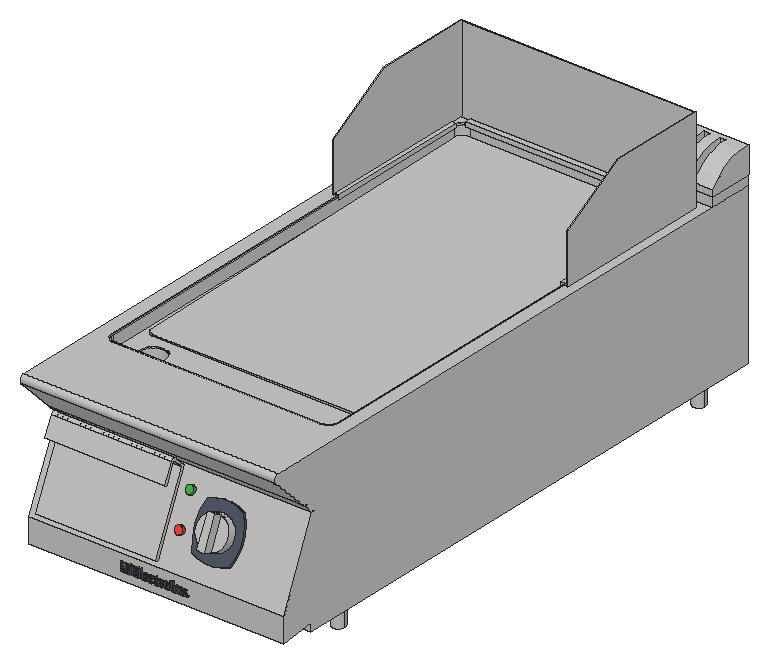
Revit family "QF_ELECTROLUXPROFESSIONAL_391175_E9FTEDCS0N", category Specialty Equipment, Revit 2018
Family settings
  Round Connector Dimension = Use Diameter
  Part Type = Normal
  Work Plane-Based = No
  Always vertical = Yes
  Cut with Voids When Loaded = No
  Shared = No
  Room Calculation Point = No
Parameters
  Width = 400 mm  # constant formula
  Weight in Pounds = 55  # constant formula
  Watts = 0 W
  Volts = 230 V  # constant formula
  URL Cutsheet = "www.electrolux.com"
  URL = "www.electrolux.com"
  Type Mark [instance] = ""
  Status [instance] = ""
  Specification by User [instance] = ""
  Specification by Manufacturer = ""
  Show Logo [instance] = yes
  Show Clearance [instance] = yes
  Serial Number = ""
  Seismic Rating = ""
  SMACNA No = ""
  Revision Code [instance] = ""
  Phase = 3
  Omniclass Number and Title = ""
  Number of Poles [instance] = 1
  NAFEM Spec ID Number = ""
  Model = "391175"
  Min Ckt Ampacity = 0 A
  Max Overcurrent Protection = 0 A
  Masterspec = ""
  Manufacturer = "ELECTROLUX"
  Item Number [instance] = ""
  Installed By [instance] = ""
  Identify Quantity as Lot [instance] = yes
  HP = "10.1 HP"
  Furnished By [instance] = ""
  Foodservice Equipment Identifier [instance] = yes
  FL Amps = if(Phase = 3, Watts / (Volts * 1.73), Watts / Volts)  # 0 A
  Electrical Remarks [instance] = "230 V/3N ph/50/60 Hz"  # constant formula
  Electric Connection Type [instance] = ""
  Elec Conn RI Height [instance] = 0 mm
  Elec Conn Connection Height [instance] = 0 mm
  Direct Waste Size = 0"
  Description = "900XP HALF MODULE ELECTRIC GRIDDLE, SMOOTH SLOPED PLATE, CHROMIUM PLATED - 230V"
  Depth = 930 mm  # constant formula
  Cycle [instance] = if([60 Hertz Option], 60 Hz, 50 Hz)  # 60 Hz
  Conn Plug = ""
  Conn Conduit = yes
  CSI MasterFormat = ""
  CSI Master Format = ""
  Apparent Power = if(Phase = 3, Volts * FL Amps * 1.73, Volts * FL Amps)  # 0 VA
  60 Hertz Option [instance] = not([50 Hertz Option])  # yes
  50 Hertz Option [instance] = no
Reference planes
  plane 1 "BACK": y = 0
  plane 2: z = 0
  plane 3 "LEFT": x = 0
  plane 4 "RIGHT": x = 400
  plane 5 "FRONT": y = -930
  plane 6 "TOP": z = 275
  plane 7 "Center Y": x = 200
  plane 8 "Center X": y = -465
  plane 9: y = -1045
  plane 10: z = 24
  plane 11: z = 290
  plane 12: z = 410
  plane 13: x = 11
  plane 14: x = 389
  plane 15: y = -722.539
  plane 16: x = 340
Forms (mm)
  Extrusion 1, solid, material "QF_Finishes_Stainless Steel"
    sketch origin (0, 0, 0) x (0, 1, 0) y (0, 0, 1)
      loop
        line (0, 275) -> (-922.686, 275)
        arc (-922.686, 275) -> (-929.443, 270.485) -> (-927.858, 262.514) r 7.314
        line (-927.858, 262.514) -> (-873.907, 208.563) -> (-865.773, 208.563) -> (-865.773, 206.447) -> (-871.79, 206.447) -> (-858.907, 193.563) -> (-850.773, 193.563) -> (-850.773, 191.447) -> (-856.79, 191.447) -> (-913.146, 69.003) -> (-913.146, 30.903) -> (-859.774, 36.513) -> (-859.774, 24) -> (0, 24) -> (0, 275)
    from 0 to 400
  Extrusion 2, solid, material "QF_Finishes_Stainless Steel"
    sketch origin (0, -1, 0) x (1, 0, 0) y (0, 1, 0)
      loop
        circle (11, -82) r 9.525
      loop
        circle (11, -790) r 9.525
      loop
        circle (389, -82) r 9.525
      loop
        circle (389, -790) r 9.525
    from 0 to 24
  Extrusion 3, solid, material "QF_Finishes_Stainless Steel"
    sketch origin (0, 0, 0.362) x (0, 1, 0) y (0, 0, 1)
      loop
        line (0, 289.638) -> (0, 331.738)
        arc (0, 331.738) -> (-38.857, 324.552) -> (-69.85, 300.038) r 82.056
        line (-69.85, 300.038) -> (-69.85, 289.638) -> (0, 289.638)
    from 0 to 400.05
  Extrusion 4, void
    sketch origin (0, 0, 275) x (0, -1, 0) y (1, 0, 0)
      loop
        line (6.761, 29.703) -> (63.911, 29.703) -> (63.911, 38.999) -> (6.761, 38.999) -> (6.761, 29.703)
      loop
        line (63.911, 64.487) -> (6.761, 64.487) -> (6.761, 55.191) -> (63.911, 55.191) -> (63.911, 64.487)
      loop
        line (63.911, 89.975) -> (6.761, 89.975) -> (6.761, 80.68) -> (63.911, 80.68) -> (63.911, 89.975)
      loop
        line (63.911, 115.464) -> (6.761, 115.464) -> (6.761, 106.168) -> (63.911, 106.168) -> (63.911, 115.464)
      loop
        line (63.911, 140.952) -> (6.761, 140.952) -> (6.761, 131.656) -> (63.911, 131.656) -> (63.911, 140.952)
      loop
        line (63.911, 166.44) -> (6.761, 166.44) -> (6.761, 157.145) -> (63.911, 157.145) -> (63.911, 166.44)
      loop
        line (63.911, 191.929) -> (6.761, 191.929) -> (6.761, 182.633) -> (63.911, 182.633) -> (63.911, 191.929)
      loop
        line (63.911, 217.417) -> (6.761, 217.417) -> (6.761, 208.121) -> (63.911, 208.121) -> (63.911, 217.417)
      loop
        line (63.911, 242.905) -> (6.761, 242.905) -> (6.761, 233.61) -> (63.911, 233.61) -> (63.911, 242.905)
      loop
        line (63.911, 268.394) -> (6.761, 268.394) -> (6.761, 259.098) -> (63.911, 259.098) -> (63.911, 268.394)
      loop
        line (63.911, 293.882) -> (6.761, 293.882) -> (6.761, 284.586) -> (63.911, 284.586) -> (63.911, 293.882)
      loop
        line (63.911, 319.37) -> (6.761, 319.37) -> (6.761, 310.075) -> (63.911, 310.075) -> (63.911, 319.37)
      loop
        line (63.911, 344.859) -> (6.761, 344.859) -> (6.761, 335.563) -> (63.911, 335.563) -> (63.911, 344.859)
      loop
        line (63.911, 370.347) -> (6.761, 370.347) -> (6.761, 361.051) -> (63.911, 361.051) -> (63.911, 370.347)
    from 25.4 to 63.5
  Extrusion 5, solid, material "QF_Finishes_Stainless Steel"
    sketch origin (0, 0, 275) x (0, -1, 0) y (1, 0, 0)
      loop
        line (69.85, 0) -> (69.85, 400) -> (0, 400) -> (0, 0) -> (69.85, 0)
    from 0 to 15
  Extrusion 6, solid, material "QF_Finishes_Stainless Steel"
    sketch origin (635, 190.152, 275) x (0, -1, 0) y (1, 0, 0)
      loop
        line (273.542, -252.03) -> (273.542, -617.97) -> (275.13, -617.97) -> (275.13, -252.03) -> (273.542, -252.03)
    from 0 to 135
  Extrusion 7, void
    sketch origin (0, 0, 275) x (0, -1, 0) y (1, 0, 0)
      loop
        arc (92.539, 37.03) -> (96.932, 26.423) -> (107.539, 22.03) r 15
        line (107.539, 22.03) -> (777.539, 22.03)
        arc (777.539, 22.03) -> (788.145, 26.423) -> (792.539, 37.03) r 15
        line (792.539, 37.03) -> (792.539, 362.97)
        arc (792.539, 362.97) -> (788.145, 373.577) -> (777.539, 377.97) r 15
        line (777.539, 377.97) -> (107.539, 377.97)
        arc (107.539, 377.97) -> (96.932, 373.577) -> (92.539, 362.97) r 15
        line (92.539, 362.97) -> (92.539, 37.03)
    from 0 to -21.588
  Sweep 8, solid, material "QF_Finishes_Stainless Steel"
    path origin (0, 0, 0) x (1, 0, 0) y (0, 1, 0)
      loop
        line (22.03, -107.539) -> (22.03, -777.539)
        arc (22.03, -777.539) -> (26.423, -788.145) -> (37.03, -792.539) r 15
        line (37.03, -792.539) -> (362.97, -792.539)
        arc (362.97, -792.539) -> (373.577, -788.145) -> (377.97, -777.539) r 15
        line (377.97, -777.539) -> (377.97, -107.539)
        arc (377.97, -107.539) -> (373.577, -96.932) -> (362.97, -92.539) r 15
        line (362.97, -92.539) -> (37.03, -92.539)
        arc (37.03, -92.539) -> (26.423, -96.932) -> (22.03, -107.539) r 15
    profile origin (22.03, -442.539, 0) x (1, 0, 0) y (0, 0, 1)
      loop
        line (0, 255) -> (1.588, 255) -> (1.588, 272.855)
        arc (1.588, 272.855) -> (1.147, 274.189) -> (0, 275) r 2.242
        line (0, 275) -> (0, 255)
  Extrusion 9, solid, material "QF_Finishes_Stainless Steel"
    sketch origin (0, 0, 0) x (1, 0, 0) y (0, 0, 1)
      loop
        line (17.03, 275.856) -> (23.926, 275.856) -> (23.926, 270.856) -> (25.514, 270.856) -> (25.514, 277.444) -> (17.03, 277.444) -> (17.03, 275.856)
      loop
        line (382.97, 275.856) -> (382.97, 277.444) -> (374.486, 277.444) -> (374.486, 270.856) -> (376.074, 270.856) -> (376.074, 275.856) -> (382.97, 275.856)
    from 105.541 to 335.39
  Extrusion 10, solid, material "QF_Finishes_Stainless Steel"
    sketch origin (0, 0, 0) x (0, 1, 0) y (0, 0, 1)
      loop
        line (-94.126, 270.856) -> (-94.126, 275.856) -> (-84.978, 275.856) -> (-84.978, 277.444) -> (-95.714, 277.444) -> (-95.714, 270.856) -> (-94.126, 270.856)
    from 32.03 to 367.97
  Extrusion 11, solid, material "QF_Finishes_Stainless Steel"
    sketch origin (0, -101.6, 24) x (-1, 0, 0) y (0, 1, 0)
      loop
        circle (-340, -483.4) r 6.35
    from 0 to 5
  Extrusion 12, solid, material "QF_Clearances", visible <- "Show Clearance", detail levels coarse
    sketch origin (0, 0, 0) x (1, 0, 0) y (0, 1, 0)
      loop
        line (0, 0) -> (400, 0) -> (400, -930) -> (500, -930) -> (500, 100) -> (-100, 100) -> (-100, -930) -> (0, -930) -> (0, 0)
    from 0 to 410
  Extrusion 13, solid, material "QF_Finishes_Stainless Steel"
    sketch origin (0, 0, 0) x (0, 1, 0) y (0, 0, 1)
      loop
        line (-792.539, 255) -> (-792.539, 253.413) -> (-92.539, 253.413) -> (-92.539, 255) -> (-792.539, 255)
    from 22.03 to 377.97
  Extrusion 14, solid, material "QF_Finishes_Stainless Steel"
    sketch origin (100, 0, 0) x (0, 1, 0) y (0, 0, 1)
      loop
        line (-858.205, 188.372) -> (-874.612, 204.778)
        arc (-874.612, 204.778) -> (-879.079, 206.181) -> (-882.783, 203.316) r 5.058
        line (-882.783, 203.316) -> (-895.445, 175.806) -> (-892.561, 174.479) -> (-879.899, 201.989)
        arc (-879.899, 201.989) -> (-878.52, 203.055) -> (-876.857, 202.533) r 1.883
        line (-876.857, 202.533) -> (-862.014, 187.69) -> (-912.848, 77.245) -> (-909.964, 75.918) -> (-858.205, 188.372)
    from -89 to 100
  Extrusion 15, solid, material "QF_Door-Drawer Clearances", visible <- "Show Clearance", detail levels coarse
    sketch origin (100, 0, 0) x (0, 1, 0) y (0, 0, 1)
      loop
        line (-1024.713, 174.479) -> (-1012.051, 201.989)
        arc (-1012.051, 201.989) -> (-1010.672, 203.055) -> (-1009.009, 202.533) r 1.883
        line (-1009.009, 202.533) -> (-994.166, 187.69) -> (-1045, 77.245) -> (-1042.116, 75.918) -> (-909.964, 75.918) -> (-858.205, 188.372) -> (-874.612, 204.778)
        arc (-874.612, 204.778) -> (-875.847, 205.685) -> (-877.298, 206.181) r 5.058
        line (-877.298, 206.181) -> (-1011.231, 206.181)
        arc (-1011.231, 206.181) -> (-1013.435, 205.203) -> (-1014.935, 203.316) r 5.058
        line (-1014.935, 203.316) -> (-1027.597, 175.806) -> (-1024.713, 174.479)
    from -89 to 100
  Extrusion 16, void
    sketch origin (0, 0, 0) x (1, 0, 0) y (0, 1, 0)
      loop
        circle (71.879, -758.736) r 20
    from 235.859 to 256.719
  Extrusion 17, solid, material "QF_Finishes_Stainless Steel"
    sketch origin (0, 0, 0) x (0, 1, 0) y (0, 0, 1)
      loop
        line (-83.39, 410) -> (-235.39, 410) -> (-335.39, 352.265) -> (-335.39, 275) -> (-83.39, 275) -> (-83.39, 410)
    from 15.442 to 17.03
  Extrusion 18, solid, material "QF_Finishes_Stainless Steel"
    sketch origin (400, 0, 0) x (0, 1, 0) y (0, 0, -1)
      loop
        line (-83.39, -410) -> (-83.39, -275) -> (-335.39, -275) -> (-335.39, -352.265) -> (-235.39, -410) -> (-83.39, -410)
    from 15.442 to 17.03
  Extrusion 19, solid, material "QF_Finishes_Navy Blue"
    sketch origin (115.456, -912.449, 70.59) x (0, 0.419232, 0.907879) y (-1, 0, 0)
      loop
        arc (102.26, -132.62) -> (66.843, -125.139) -> (31.333, -132.16) r 90.355
        arc (31.333, -132.16) -> (24.504, -161.269) -> (31.333, -190.378) r 65.456
        arc (31.333, -190.378) -> (66.877, -199.452) -> (102.26, -189.765) r 71.728
        arc (102.26, -189.765) -> (108.852, -161.193) -> (102.26, -132.62) r 65.22
    from 0 to 3.175
  Extrusion 20, solid, material "QF_Finishes_Stainless Steel"
    sketch origin (115.456, -916.163, 70.121) x (0, 0.419232, 0.907879) y (-1, 0, 0)
      loop
        circle (68.826, -160.963) r 25.4
    from 0 to 12.7
  Extrusion 21, solid, material "QF_Finishes_Stainless Steel"
    sketch origin (115.456, -927.693, 75.445) x (0, 0.419232, 0.907879) y (-1, 0, 0)
      loop
        arc (93.558, -166.749) -> (94.226, -160.963) -> (93.558, -155.177) r 25.4
        line (93.558, -155.177) -> (44.094, -155.177)
        arc (44.094, -155.177) -> (43.426, -160.963) -> (44.094, -166.749) r 25.4
        line (44.094, -166.749) -> (93.558, -166.749)
    from 0 to 12.7
  Extrusion 22, solid, material "QF_Finishes_Navy Blue", visible <- "Show Logo"
    sketch origin (-142.26, -913.146, 37.253) x (0, 0, 1) y (-1, 0, 0)
      loop
        line (20.674, -296.698) -> (8.307, -296.698)
        arc (8.307, -296.698) -> (14.491, -301.27) -> (20.674, -296.698) r 6.467
      loop
        arc (20.674, -296.069) -> (19.505, -290.926) -> (14.849, -288.448) r 6.338
        line (14.849, -288.448) -> (14.849, -290.494)
        arc (14.849, -290.494) -> (16.333, -294.149) -> (19.778, -296.069) r 5.941
        line (19.778, -296.069) -> (20.674, -296.069)
      loop
        arc (9.203, -296.069) -> (12.648, -294.149) -> (14.132, -290.494) r 5.941
        line (14.132, -290.494) -> (14.132, -288.448)
        arc (14.132, -288.448) -> (9.438, -290.922) -> (8.148, -296.069) r 6.504
        line (8.148, -296.069) -> (9.203, -296.069)
      loop
        line (21.349, -287.979) -> (7.604, -287.979) -> (7.604, -301.742) -> (21.349, -301.742) -> (21.349, -287.979)
      loop
        arc (21.432, -304.71) -> (21.085, -304.352) -> (20.718, -304.69) r 0.358
        arc (20.718, -304.69) -> (20.404, -305.44) -> (19.687, -305.825) r 1.216
        line (19.687, -305.825) -> (9.274, -305.825)
        arc (9.274, -305.825) -> (8.614, -305.548) -> (8.218, -304.951) r 1.238
        arc (8.218, -304.951) -> (7.823, -304.7) -> (7.518, -305.054) r 0.358
        line (7.518, -305.054) -> (7.518, -314.933) -> (10.269, -314.933) -> (10.269, -314.036)
        arc (10.269, -314.036) -> (9.36, -313.456) -> (8.904, -312.479) r 1.928
        line (8.904, -312.479) -> (8.904, -309.98)
        arc (8.904, -309.98) -> (9.18, -309.251) -> (9.868, -308.887) r 1.101
        line (9.868, -308.887) -> (13.955, -308.887) -> (13.955, -312.561)
        arc (13.955, -312.561) -> (13.602, -313.058) -> (13.037, -313.286) r 1.083
        arc (13.037, -313.286) -> (12.773, -313.591) -> (13.065, -313.869) r 0.292
        line (13.065, -313.869) -> (16.028, -313.869)
        arc (16.028, -313.869) -> (16.33, -313.596) -> (16.092, -313.266) r 0.305
        arc (16.092, -313.266) -> (15.601, -313.018) -> (15.296, -312.561) r 1.083
        line (15.296, -312.561) -> (15.296, -308.887) -> (19.973, -308.887) -> (19.973, -312.635)
        arc (19.973, -312.635) -> (19.759, -313.39) -> (19.153, -313.888) r 1.314
        arc (19.153, -313.888) -> (18.934, -314.292) -> (19.288, -314.585) r 0.361
        line (19.288, -314.585) -> (21.432, -314.585) -> (21.432, -304.71)
      loop
        arc (20.715, -315.365) -> (20.335, -316.284) -> (19.416, -316.664) r 1.299
        line (19.416, -316.664) -> (9.837, -316.664)
        arc (9.837, -316.664) -> (8.999, -316.286) -> (8.728, -315.408) r 1.118
        line (8.728, -315.408) -> (7.518, -315.408) -> (7.518, -320.758) -> (8.706, -320.758)
        arc (8.706, -320.758) -> (8.978, -319.841) -> (9.848, -319.445) r 1.153
        line (9.848, -319.445) -> (21.92, -319.445) -> (20.715, -315.365)
      loop
        line (12.483, -323.394) -> (12.483, -329.842) -> (13.282, -329.842)
        arc (13.282, -329.842) -> (15.862, -328.857) -> (17.131, -326.404) r 3.874
        line (17.131, -326.404) -> (17.131, -324.643)
        arc (17.131, -324.643) -> (15.944, -321.778) -> (13.08, -320.592) r 4.051
        line (13.08, -320.592) -> (11.072, -320.592)
        arc (11.072, -320.592) -> (8.253, -322.077) -> (7.202, -325.084) r 4.352
        arc (7.202, -325.084) -> (7.566, -327.547) -> (8.943, -329.621) r 5.713
        line (8.943, -329.621) -> (9.892, -329.621)
        arc (9.892, -329.621) -> (9.16, -328.052) -> (8.943, -326.334) r 5.579
        arc (8.943, -326.334) -> (9.737, -324.371) -> (11.616, -323.394) r 3.057
        line (11.616, -323.394) -> (12.483, -323.394)
      loop
        line (13.742, -323.394) -> (13.742, -326.977)
        arc (13.742, -326.977) -> (15.199, -327.024) -> (16.082, -325.864) r 1.59
        line (16.082, -325.864) -> (16.082, -325.034)
        arc (16.082, -325.034) -> (15.217, -323.779) -> (13.742, -323.394) r 2.184
      loop
        arc (16.533, -339.259) -> (17.022, -337.585) -> (17.179, -335.848) r 9.023
        line (17.179, -335.848) -> (17.179, -334.486)
        arc (17.179, -334.486) -> (16.02, -331.686) -> (13.22, -330.527) r 3.959
        line (13.22, -330.527) -> (10.62, -330.527)
        arc (10.62, -330.527) -> (8.338, -331.819) -> (7.221, -334.192) r 4.331
        line (7.221, -334.192) -> (7.221, -336.327)
        arc (7.221, -336.327) -> (7.729, -337.877) -> (8.651, -339.223) r 5.772
        arc (8.651, -339.223) -> (9.412, -339.274) -> (9.499, -338.515) r 0.553
        arc (9.499, -338.515) -> (9.111, -337.781) -> (8.977, -336.962) r 2.573
        line (8.977, -336.962) -> (8.977, -335.447)
        arc (8.977, -335.447) -> (9.983, -333.806) -> (11.798, -333.163) r 2.884
        line (11.798, -333.163) -> (13.077, -333.163)
        arc (13.077, -333.163) -> (14.898, -333.723) -> (15.824, -335.388) r 2.554
        line (15.824, -335.388) -> (15.824, -336.441)
        arc (15.824, -336.441) -> (15.493, -337.369) -> (14.836, -338.104) r 2.564
        arc (14.836, -338.104) -> (14.614, -338.821) -> (15.223, -339.259) r 0.643
        line (15.223, -339.259) -> (16.533, -339.259)
      loop
        line (15.515, -339.53) -> (15.515, -341.031) -> (9.467, -341.031)
        arc (9.467, -341.031) -> (7.879, -341.688) -> (7.221, -343.276) r 2.246
        line (7.221, -343.276) -> (7.221, -344.86)
        arc (7.221, -344.86) -> (7.535, -345.725) -> (8.035, -346.496) r 4.06
        arc (8.035, -346.496) -> (8.768, -346.629) -> (9.019, -345.928) r 0.576
        arc (9.019, -345.928) -> (8.913, -345.403) -> (8.977, -344.87) r 1.69
        arc (8.977, -344.87) -> (9.519, -344.082) -> (10.425, -343.779) r 1.506
        line (10.425, -343.779) -> (15.563, -343.779) -> (15.563, -346.176) -> (16.119, -346.733) -> (16.941, -346.733) -> (16.941, -343.873) -> (20.172, -343.873) -> (15.515, -339.53)
      loop
        line (7.438, -347.63) -> (7.438, -353.017) -> (8.548, -353.017)
        arc (8.548, -353.017) -> (8.942, -352.066) -> (9.893, -351.672) r 1.345
        line (9.893, -351.672) -> (13.509, -351.672)
        arc (13.509, -351.672) -> (14.274, -352.264) -> (14.564, -353.186) r 1.615
        line (14.564, -353.186) -> (14.564, -354.742) -> (17.119, -355.427) -> (17.119, -354.044) -> (15.177, -351.485) -> (17.057, -351.485) -> (16.773, -348.779)
        arc (16.773, -348.779) -> (16.333, -348.249) -> (15.674, -348.45) r 0.621
        arc (15.674, -348.45) -> (15.274, -348.792) -> (14.78, -348.975) r 1.501
        line (14.78, -348.975) -> (9.893, -348.975)
        arc (9.893, -348.975) -> (8.942, -348.581) -> (8.548, -347.63) r 1.345
        line (8.548, -347.63) -> (7.438, -347.63)
      loop
        line (13.54, -354.964) -> (10.848, -354.964)
        arc (10.848, -354.964) -> (8.403, -356.272) -> (7.269, -358.803) r 4.288
        arc (7.269, -358.803) -> (7.205, -360.183) -> (7.269, -361.563) r 15.022
        arc (7.269, -361.563) -> (8.403, -364.094) -> (10.848, -365.401) r 4.288
        line (10.848, -365.401) -> (13.54, -365.401)
        arc (13.54, -365.401) -> (15.986, -364.094) -> (17.119, -361.563) r 4.288
        arc (17.119, -361.563) -> (17.183, -360.183) -> (17.119, -358.803) r 15.022
        arc (17.119, -358.803) -> (15.986, -356.272) -> (13.54, -354.964) r 4.288
      loop
        line (13.745, -358.078) -> (10.643, -358.078)
        arc (10.643, -358.078) -> (8.486, -360.235) -> (10.643, -362.392) r 2.157
        line (10.643, -362.392) -> (13.745, -362.392)
        arc (13.745, -362.392) -> (15.902, -360.235) -> (13.745, -358.078) r 2.157
      loop
        arc (20.726, -365.26) -> (20.355, -366.154) -> (19.461, -366.524) r 1.264
        line (19.461, -366.524) -> (9.597, -366.524)
        arc (9.597, -366.524) -> (8.727, -366.127) -> (8.455, -365.211) r 1.153
        line (8.455, -365.211) -> (7.518, -365.211) -> (7.518, -370.319) -> (8.446, -370.319)
        arc (8.446, -370.319) -> (8.805, -369.547) -> (9.597, -369.232) r 1.153
        line (9.597, -369.232) -> (21.92, -369.232) -> (20.726, -365.26)
      loop
        arc (15.846, -369.857) -> (15.647, -370.921) -> (14.678, -371.403) r 1.215
        line (14.678, -371.403) -> (9.658, -371.403)
        arc (9.658, -371.403) -> (8.043, -372.051) -> (7.322, -373.634) r 2.338
        line (7.322, -373.634) -> (7.322, -375.148)
        arc (7.322, -375.148) -> (7.497, -376.152) -> (7.999, -377.038) r 2.979
        line (7.999, -377.038) -> (7.518, -378.835) -> (7.518, -380.524) -> (16.943, -380.524) -> (16.649, -376.32) -> (15.863, -376.32)
        arc (15.863, -376.32) -> (15.507, -377.156) -> (14.755, -377.665) r 1.605
        line (14.755, -377.665) -> (9.652, -377.665)
        arc (9.652, -377.665) -> (9.232, -376.728) -> (9.159, -375.704) r 2.94
        arc (9.159, -375.704) -> (9.72, -374.603) -> (10.873, -374.16) r 1.724
        line (10.873, -374.16) -> (17.07, -374.16) -> (15.846, -369.857)
      loop
        line (16.874, -381.377) -> (15.202, -383.423) -> (12.028, -385.729) -> (8.572, -382.617)
        arc (8.572, -382.617) -> (8.335, -382.223) -> (8.357, -381.764) r 0.789
        line (8.357, -381.764) -> (7.518, -381.764) -> (7.518, -385.309) -> (8.344, -385.309)
        arc (8.344, -385.309) -> (8.686, -384.947) -> (9.176, -385.039) r 0.52
        line (9.176, -385.039) -> (10.976, -386.51) -> (8.858, -387.886)
        arc (8.858, -387.886) -> (8.457, -387.576) -> (8.37, -387.076) r 0.7
        line (8.37, -387.076) -> (7.518, -387.076) -> (7.518, -393.003) -> (8.405, -393.003)
        arc (8.405, -393.003) -> (8.472, -392.344) -> (8.866, -391.813) r 1.247
        line (8.866, -391.813) -> (13.066, -388.532) -> (15.513, -390.585) -> (16.874, -392.327) -> (16.874, -388.604) -> (15.389, -389.026) -> (13.868, -387.749) -> (15.568, -386.559) -> (16.874, -387.336) -> (16.874, -381.377)
    from 0 to 1.644
  Extrusion 23, solid, material "QF_Finishes_Green"
    sketch origin (129.198, -908.494, 79.155) x (0, 0.419232, 0.907879) y (-1, 0, 0)
      loop
        circle (94.749, -90.848) r 6.35
    from 0 to 3.175
  Extrusion 24, solid, material "QF_Finishes_Red"
    sketch origin (129.198, -930.457, 31.593) x (0, 0.419232, 0.907879) y (-1, 0, 0)
      loop
        circle (95.112, -90.848) r 6.35
    from 0 to 3.175
  Extrusion 25, solid, material "QF_Finishes_Stainless Steel"
    sketch origin (0, 0, 0) x (0, 1, 0) y (0, 0, 1)
      loop
        line (-722.539, 256.999) -> (-722.539, 255) -> (-105.406, 255) -> (-105.406, 265.217) -> (-722.539, 256.999)
    from 32.03 to 367.97
  Extrusion 26, void
    sketch origin (0, 0, 0) x (1, 0, 0) y (0, 1, 0)
      loop
        line (32.03, -712.539) -> (32.03, -722.539) -> (42.03, -722.539)
        arc (42.03, -722.539) -> (34.958, -719.61) -> (32.03, -712.539) r 10
      loop
        arc (367.97, -712.539) -> (365.042, -719.61) -> (357.97, -722.539) r 10
        line (357.97, -722.539) -> (367.97, -722.539) -> (367.97, -712.539)
      loop
        arc (32.03, -115.406) -> (34.958, -108.335) -> (42.03, -105.406) r 10
        line (42.03, -105.406) -> (32.03, -105.406) -> (32.03, -115.406)
      loop
        line (367.97, -115.406) -> (367.97, -105.406) -> (357.97, -105.406)
        arc (357.97, -105.406) -> (365.042, -108.335) -> (367.97, -115.406) r 10
    from 255 to 270.856
Cuts and joins
  Extrusion 4 cuts Extrusion 3
  Extrusion 7, Extrusion 16 cuts Extrusion 1
  Extrusion 16 cuts Extrusion 13
  Extrusion 26 cuts Extrusion 25
Lines and regions (mm)
  symbolic lines, style "QF_Clearances", visible <- "Show Clearance", detail levels coarse
    curve 1: line (500, -930, 0) -> (500, 100, 0)
    curve 2: line (500, 100, 0) -> (-100, 100, 0)
    curve 3: line (-100, 100, 0) -> (-100, -930, 0)
  symbolic lines, style "QF_Door-Drawer Clearances", visible <- "Show Clearance"
    curve 4: line (11, -930, 0) -> (11, -1045, 0)
    curve 5: line (11, -1045, 0) -> (200, -1045, 0)
    curve 6: line (200, -930, 0) -> (200, -1045, 0)
  symbolic lines
    curve 7: line (0, -930, 0) -> (400, -930, 0)
    curve 8: line (400, -930, 0) -> (400, 0, 0)
    curve 9: line (400, 0, 0) -> (0, 0, 0)
    curve 10: line (0, 0, 0) -> (0, -930, 0)
    curve 11: line (362.97, -792.539, 0) -> (37.03, -792.539, 0)
    curve 12: arc (37.03, -792.539, 0) -> (26.423, -788.145, 0) -> (22.03, -777.539, 0) r 15
    curve 13: line (22.03, -777.539, 0) -> (22.03, -335.39, 0)
    curve 14: arc (22.163, -105.541, 0) -> (25.387, -98.081, 0) -> (32.03, -93.397, 0) r 15
    curve 15: arc (367.97, -93.397, 0) -> (374.613, -98.081, 0) -> (377.837, -105.541, 0) r 15
    curve 16: line (377.97, -335.39, 0) -> (377.97, -777.539, 0)
    curve 17: arc (377.97, -777.539, 0) -> (373.577, -788.145, 0) -> (362.97, -792.539, 0) r 15
    curve 18: line (357.97, -722.539, 0) -> (42.03, -722.539, 0)
    curve 19: arc (42.03, -722.539, 0) -> (34.958, -719.61, 0) -> (32.03, -712.539, 0) r 10
    curve 20: line (32.03, -712.539, 0) -> (32.03, -115.406, 0)
    curve 21: arc (32.03, -115.406, 0) -> (34.958, -108.335, 0) -> (42.03, -105.406, 0) r 10
    curve 22: line (42.03, -105.406, 0) -> (357.97, -105.406, 0)
    curve 23: arc (357.97, -105.406, 0) -> (365.042, -108.335, 0) -> (367.97, -115.406, 0) r 10
    curve 24: line (367.97, -115.406, 0) -> (367.97, -712.539, 0)
    curve 25: arc (367.97, -712.539, 0) -> (365.042, -719.61, 0) -> (357.97, -722.539, 0) r 10
    curve 26: line (15.442, -83.39, 0) -> (15.442, -335.39, 0)
    curve 27: line (384.558, -83.39, 0) -> (15.442, -83.39, 0)
    curve 28: line (384.558, -335.39, 0) -> (384.558, -83.39, 0)
    curve 29: line (367.97, -95.714, 0) -> (367.97, -83.39, 0)
    curve 30: line (32.03, -95.714, 0) -> (367.97, -95.714, 0)
    curve 31: line (32.03, -83.39, 0) -> (32.03, -95.714, 0)
    curve 32: line (384.558, -105.541, 0) -> (374.486, -105.541, 0)
    curve 33: line (25.514, -335.39, 0) -> (25.514, -105.541, 0)
    curve 34: line (15.442, -335.39, 0) -> (25.514, -335.39, 0)
    curve 35: line (374.486, -105.541, 0) -> (374.486, -335.39, 0)
    curve 36: line (374.486, -335.39, 0) -> (384.558, -335.39, 0)
    curve 37: line (25.514, -105.541, 0) -> (15.442, -105.541, 0)
    curve 38: line (38.999, -6.761, 0) -> (38.999, -63.911, 0)
    curve 39: line (38.999, -63.911, 0) -> (29.703, -63.911, 0)
    curve 40: line (29.703, -63.911, 0) -> (29.703, -6.761, 0)
    curve 41: line (29.703, -6.761, 0) -> (38.999, -6.761, 0)
    curve 42: line (55.191, -63.911, 0) -> (55.191, -6.761, 0)
    curve 43: line (55.191, -6.761, 0) -> (64.487, -6.761, 0)
    curve 44: line (64.487, -6.761, 0) -> (64.487, -63.911, 0)
    curve 45: line (64.487, -63.911, 0) -> (55.191, -63.911, 0)
    curve 46: line (89.975, -6.761, 0) -> (89.975, -63.911, 0)
    curve 47: line (89.975, -63.911, 0) -> (80.68, -63.911, 0)
    curve 48: line (80.68, -63.911, 0) -> (80.68, -6.761, 0)
    curve 49: line (80.68, -6.761, 0) -> (89.975, -6.761, 0)
    curve 50: line (115.464, -6.761, 0) -> (115.464, -63.911, 0)
    curve 51: line (115.464, -63.911, 0) -> (106.168, -63.911, 0)
    curve 52: line (106.168, -63.911, 0) -> (106.168, -6.761, 0)
    curve 53: line (106.168, -6.761, 0) -> (115.464, -6.761, 0)
    curve 54: line (140.952, -6.761, 0) -> (140.952, -63.911, 0)
    curve 55: line (140.952, -63.911, 0) -> (131.656, -63.911, 0)
    curve 56: line (131.656, -63.911, 0) -> (131.656, -6.761, 0)
    curve 57: line (131.656, -6.761, 0) -> (140.952, -6.761, 0)
    curve 58: line (166.44, -6.761, 0) -> (166.44, -63.911, 0)
    curve 59: line (166.44, -63.911, 0) -> (157.145, -63.911, 0)
    curve 60: line (157.145, -63.911, 0) -> (157.145, -6.761, 0)
    curve 61: line (157.145, -6.761, 0) -> (166.44, -6.761, 0)
    curve 62: line (191.929, -6.761, 0) -> (191.929, -63.911, 0)
    curve 63: line (191.929, -63.911, 0) -> (182.633, -63.911, 0)
    curve 64: line (182.633, -63.911, 0) -> (182.633, -6.761, 0)
    curve 65: line (182.633, -6.761, 0) -> (191.929, -6.761, 0)
    curve 66: line (208.121, -63.911, 0) -> (208.121, -6.761, 0)
    curve 67: line (208.121, -6.761, 0) -> (217.417, -6.761, 0)
    curve 68: line (217.417, -6.761, 0) -> (217.417, -63.911, 0)
    curve 69: line (217.417, -63.911, 0) -> (208.121, -63.911, 0)
    curve 70: line (367.97, -83.39, 0) -> (367.97, -95.714, 0)
    curve 71: line (361.001, -6.761, 0) -> (361.001, -63.911, 0)
    curve 72: line (361.001, -63.911, 0) -> (370.297, -63.911, 0)
    curve 73: line (370.297, -63.911, 0) -> (370.297, -6.761, 0)
    curve 74: line (370.297, -6.761, 0) -> (361.001, -6.761, 0)
    curve 75: line (344.809, -63.911, 0) -> (344.809, -6.761, 0)
    curve 76: line (344.809, -6.761, 0) -> (335.513, -6.761, 0)
    curve 77: line (335.513, -6.761, 0) -> (335.513, -63.911, 0)
    curve 78: line (335.513, -63.911, 0) -> (344.809, -63.911, 0)
    curve 79: line (310.025, -6.761, 0) -> (310.025, -63.911, 0)
    curve 80: line (310.025, -63.911, 0) -> (319.32, -63.911, 0)
    curve 81: line (319.32, -63.911, 0) -> (319.32, -6.761, 0)
    curve 82: line (319.32, -6.761, 0) -> (310.025, -6.761, 0)
    curve 83: line (284.536, -6.761, 0) -> (284.536, -63.911, 0)
    curve 84: line (284.536, -63.911, 0) -> (293.832, -63.911, 0)
    curve 85: line (293.832, -63.911, 0) -> (293.832, -6.761, 0)
    curve 86: line (293.832, -6.761, 0) -> (284.536, -6.761, 0)
    curve 87: line (259.048, -6.761, 0) -> (259.048, -63.911, 0)
    curve 88: line (259.048, -63.911, 0) -> (268.344, -63.911, 0)
    curve 89: line (268.344, -63.911, 0) -> (268.344, -6.761, 0)
    curve 90: line (268.344, -6.761, 0) -> (259.048, -6.761, 0)
    curve 91: line (233.56, -6.761, 0) -> (233.56, -63.911, 0)
    curve 92: line (233.56, -63.911, 0) -> (242.855, -63.911, 0)
    curve 93: line (242.855, -63.911, 0) -> (242.855, -6.761, 0)
    curve 94: line (242.855, -6.761, 0) -> (233.56, -6.761, 0)
    curve 95: arc (51.879, -758.736, 0) -> (71.879, -738.736, 0) -> (91.879, -758.736, 0) r 20
    curve 96: arc (51.879, -758.736, 0) -> (71.879, -778.736, 0) -> (91.879, -758.736, 0) r 20
Dimensions and locks
  equal spacing: plane 3 "LEFT", plane 7 "Center Y", plane 4 "RIGHT"
  "Width": plane 3 "LEFT" to plane 4 "RIGHT"
  equal spacing: plane 5 "FRONT", plane 8 "Center X", plane 1 "BACK"
  "Depth": plane 5 "FRONT" to plane 1 "BACK"
  plane 6 "TOP" to level = 275 mm
  plane 1 "BACK" to plane 9 = 1045 mm  (x2)
  plane 10 to level = 24 mm  (x2)
  plane 11 to plane 10 = 266 mm
  plane 6 "TOP" to plane 10 = 251 mm
  plane 12 to level = 410 mm  (x2)
  plane 12 to plane 10 = 386 mm  (x2)
  plane 13 to plane 3 "LEFT" = 11 mm
  locked: plane 14 to plane 4 "RIGHT" at 11
  plane 1 "BACK" to plane 5 "FRONT" = 930 mm
  Extrusion 11 to plane 10 = 5 mm
  plane 1 "BACK" to Extrusion 11 = 585 mm
  plane 1 "BACK" to Extrusion 2 to Extrusion 2 to plane 5 "FRONT" = 83 mm, 708 mm, 139 mm
  plane 13 to plane 14 = 378 mm
  plane 1 "BACK" to curve 2 = 100 mm
  plane 4 "RIGHT" to curve 1 = 100 mm
  curve 3 to plane 3 "LEFT" = 100 mm
  Extrusion 11 sketch curve to plane 4 "RIGHT" = 60 mm
  plane 4 "RIGHT" to plane 16 = 60 mm
  aligned and locked: level to plane 2
  aligned and locked: Extrusion 1 to plane 4 "RIGHT"
Automatic sketch dimensions
  Extrusion 1 sketch curve to plane 6 "TOP" = 0 mm
  Extrusion 1 sketch curve to plane 10 = 0 mm
  Extrusion 1 sketch curve to plane 1 "BACK" = 0 mm
  Extrusion 1 sketch curve to plane 5 "FRONT" = 79.227 mm
  Extrusion 1 sketch curve to Extrusion 1 sketch curve = 6.017 mm  (x2)
  Extrusion 1 sketch curve to Extrusion 1 sketch curve = 2.117 mm  (x4)
  plane 10 to Extrusion 1 sketch curve = 12.513 mm
  Extrusion 1 sketch curve to plane 5 "FRONT" = 70.226 mm
  Extrusion 1 sketch curve to Extrusion 1 sketch curve = 6.866 mm
  Extrusion 1 sketch curve to plane 5 "FRONT" = 16.854 mm
  Extrusion 1 sketch curve to plane 5 "FRONT" = 7.314 mm
  Extrusion 1 sketch curve to plane 5 "FRONT" = 2.142 mm
  plane 10 to Extrusion 1 sketch curve = 6.903 mm
  Extrusion 1 sketch curve to Extrusion 1 sketch curve = 38.1 mm
  Extrusion 1 sketch curve to plane 6 "TOP" = 83.553 mm
  Extrusion 1 sketch curve to Extrusion 1 sketch curve = 12.883 mm
  Extrusion 1 sketch curve to plane 6 "TOP" = 12.486 mm
  Extrusion 2 sketch curve to plane 13 = 0 mm  (x2)
  Extrusion 2 sketch curve to plane 14 = 0 mm  (x2)
  Extrusion 2 sketch curve to plane 5 "FRONT" = 139 mm  (x2)
  plane 1 "BACK" to Extrusion 2 sketch curve = 83 mm  (x2)
  Extrusion 3 sketch curve to plane 11 = 0 mm
  Extrusion 3 sketch curve to plane 1 "BACK" = 0 mm
  plane 1 "BACK" to Extrusion 3 sketch curve = 4.947 mm
  plane 11 to Extrusion 3 sketch curve = 10.4 mm
  plane 1 "BACK" to Extrusion 3 sketch curve = 69.85 mm
  Extrusion 3 sketch curve to plane 6 "TOP" = 24.807 mm
  plane 1 "BACK" to Extrusion 4 sketch curve = 6.761 mm  (x14)
  plane 7 "Center Y" to Extrusion 4 sketch curve = 17.417 mm
  Extrusion 4 sketch curve to Extrusion 4 sketch curve = 57.15 mm
  Extrusion 4 sketch curve to plane 7 "Center Y" = 8.071 mm
  Extrusion 4 sketch curve to Extrusion 4 sketch curve = 0 mm  (x13)
  Extrusion 4 sketch curve to Extrusion 4 sketch curve = 9.296 mm  (x13)
  Extrusion 4 sketch curve to Extrusion 4 sketch curve = 16.193 mm  (x12)
  plane 7 "Center Y" to Extrusion 4 sketch curve = 8.121 mm
  plane 13 to Sweep 8 sketch curve = 11.03 mm
  Sweep 8 sketch curve to Sweep 8 sketch curve = 15 mm  (x2)
  plane 14 to Sweep 8 sketch curve = 26.03 mm  (x2)
  plane 14 to Sweep 8 sketch curve = 11.03 mm
  Sweep 8 sketch curve to plane 5 "FRONT" = 137.461 mm
  plane 1 "BACK" to Sweep 8 sketch curve = 107.539 mm
  profile plane to Sweep 8 sketch curve = 0 mm
  profile plane to Sweep 8 sketch curve = 0.655 mm
  Sweep 8 sketch curve to profile plane = 1.588 mm
  level to Sweep 8 sketch curve = 255 mm
  Sweep 8 sketch curve to Sweep 8 sketch curve = 17.855 mm
  plane 6 "TOP" to Extrusion 9 sketch curve = 0.856 mm  (x2)
  plane 13 to Extrusion 9 sketch curve = 6.03 mm
  Extrusion 9 sketch curve to plane 6 "TOP" = 4.144 mm  (x2)
  Extrusion 9 sketch curve to Extrusion 9 sketch curve = 6.896 mm
  Extrusion 9 sketch curve to Extrusion 9 sketch curve = 1.588 mm  (x3)
  plane 14 to Extrusion 9 sketch curve = 14.514 mm
  plane 6 "TOP" to Extrusion 9 sketch curve = 2.444 mm
  plane 14 to Extrusion 9 sketch curve = 6.03 mm
  plane 6 "TOP" to Extrusion 10 sketch curve = 2.444 mm
  plane 1 "BACK" to Extrusion 10 sketch curve = 95.714 mm
  Extrusion 10 sketch curve to Extrusion 10 sketch curve = 1.588 mm
  Extrusion 10 sketch curve to Extrusion 10 sketch curve = 9.149 mm
  plane 6 "TOP" to Extrusion 10 sketch curve = 0.856 mm
  Extrusion 10 sketch curve to plane 6 "TOP" = 4.144 mm
  Extrusion 13 sketch curve to plane 6 "TOP" = 21.587 mm
  Extrusion 13 sketch curve to plane 5 "FRONT" = 137.461 mm
  plane 1 "BACK" to Extrusion 13 sketch curve = 92.539 mm
  Extrusion 13 sketch curve to Extrusion 13 sketch curve = 1.587 mm
  Extrusion 13 sketch curve to plane 6 "TOP" = 20 mm
  Extrusion 14 sketch curve to Extrusion 14 sketch curve = 0 mm  (x2)
  Extrusion 14 sketch curve to plane 5 "FRONT" = 17.152 mm
  Extrusion 14 sketch curve to Extrusion 14 sketch curve = 2.884 mm  (x3)
  Extrusion 14 sketch curve to plane 5 "FRONT" = 34.555 mm
  Extrusion 14 sketch curve to Extrusion 14 sketch curve = 12.662 mm
  Extrusion 14 sketch curve to Extrusion 14 sketch curve = 1.711 mm
  Extrusion 14 sketch curve to Extrusion 14 sketch curve = 1.332 mm
  Extrusion 14 sketch curve to Extrusion 14 sketch curve = 2.245 mm
  Extrusion 14 sketch curve to Extrusion 14 sketch curve = 14.843 mm
  Extrusion 14 sketch curve to Extrusion 14 sketch curve = 3.809 mm
  plane 10 to Extrusion 14 sketch curve = 51.918 mm
  Extrusion 14 sketch curve to Extrusion 14 sketch curve = 1.327 mm  (x2)
  Extrusion 14 sketch curve to Extrusion 14 sketch curve = 13.211 mm
  Extrusion 14 sketch curve to Extrusion 14 sketch curve = 0.787 mm
  Extrusion 15 sketch curve to Extrusion 15 sketch curve = 0 mm  (x2)
  Extrusion 15 sketch curve to plane 9 = 0 mm
  plane 9 to Extrusion 15 sketch curve = 2.884 mm
  plane 9 to Extrusion 15 sketch curve = 17.403 mm
  Extrusion 15 sketch curve to Extrusion 15 sketch curve = 2.884 mm  (x2)
  plane 9 to Extrusion 15 sketch curve = 30.065 mm
  Extrusion 15 sketch curve to Extrusion 15 sketch curve = 0.82 mm
  Extrusion 15 sketch curve to Extrusion 15 sketch curve = 1.711 mm
  Extrusion 15 sketch curve to Extrusion 15 sketch curve = 1.332 mm
  Extrusion 15 sketch curve to Extrusion 15 sketch curve = 14.843 mm
  Extrusion 15 sketch curve to plane 5 "FRONT" = 20.036 mm
  Extrusion 15 sketch curve to plane 5 "FRONT" = 51.812 mm
  Extrusion 15 sketch curve to Extrusion 15 sketch curve = 0.891 mm
  Extrusion 15 sketch curve to Extrusion 15 sketch curve = 2.686 mm
  Extrusion 15 sketch curve to Extrusion 15 sketch curve = 16.406 mm
  plane 10 to Extrusion 15 sketch curve = 51.918 mm
  Extrusion 15 sketch curve to Extrusion 15 sketch curve = 1.327 mm  (x2)
  Extrusion 15 sketch curve to Extrusion 15 sketch curve = 13.211 mm
  Extrusion 15 sketch curve to plane 6 "TOP" = 86.628 mm
  Extrusion 15 sketch curve to Extrusion 15 sketch curve = 0.787 mm
  Extrusion 15 sketch curve to Extrusion 15 sketch curve = 4.979 mm
  Extrusion 17 sketch curve to plane 6 "TOP" = 0 mm
  Extrusion 17 sketch curve to plane 12 = 0 mm
  Extrusion 17 sketch curve to plane 12 = 57.735 mm
  plane 8 "Center X" to Extrusion 17 sketch curve = 129.61 mm
  Extrusion 17 sketch curve to Extrusion 17 sketch curve = 100 mm
  plane 1 "BACK" to Extrusion 17 sketch curve = 83.39 mm
  Extrusion 18 sketch curve to plane 6 "TOP" = 0 mm
  Extrusion 18 sketch curve to plane 12 = 0 mm
  Extrusion 18 sketch curve to plane 12 = 57.735 mm
  plane 8 "Center X" to Extrusion 18 sketch curve = 129.61 mm
  Extrusion 18 sketch curve to Extrusion 18 sketch curve = 100 mm
  plane 1 "BACK" to Extrusion 18 sketch curve = 83.39 mm
  plane 13 to Extrusion 16 sketch curve = 60.879 mm
  Extrusion 16 sketch curve to plane 5 "FRONT" = 171.264 mm
  plane 7 "Center Y" to Extrusion 19 sketch curve = 47.616 mm
  Extrusion 19 sketch curve to Extrusion 19 sketch curve = 0 mm
  Extrusion 19 sketch curve to Extrusion 19 sketch curve = 12.3 mm  (x3)
  Extrusion 19 sketch curve to Extrusion 19 sketch curve = 34.925 mm  (x2)
  Extrusion 19 sketch curve to Extrusion 19 sketch curve = 23.703 mm
  Extrusion 19 sketch curve to Extrusion 19 sketch curve = 0.46 mm
  Extrusion 19 sketch curve to Extrusion 19 sketch curve = 29.032 mm
  Extrusion 19 sketch curve to Extrusion 19 sketch curve = 28.496 mm
  Extrusion 21 sketch curve to Extrusion 21 sketch curve = 24.732 mm
  Extrusion 21 sketch curve to Extrusion 21 sketch curve = 0 mm
  plane 10 to Extrusion 22 sketch curve = 15.413 mm
  plane 10 to Extrusion 22 sketch curve = 20.454 mm
  plane 7 "Center Y" to Extrusion 22 sketch curve = 2.6 mm
  Extrusion 22 sketch curve to Extrusion 22 sketch curve = 5.06 mm
  Extrusion 22 sketch curve to Extrusion 22 sketch curve = 0 mm  (x28)
  Extrusion 22 sketch curve to Extrusion 22 sketch curve = 5.108 mm  (x2)
  Extrusion 22 sketch curve to Extrusion 22 sketch curve = 0.054 mm
  Extrusion 22 sketch curve to Extrusion 22 sketch curve = 0.218 mm
  Extrusion 22 sketch curve to Extrusion 22 sketch curve = 0.195 mm
  Extrusion 22 sketch curve to Extrusion 22 sketch curve = 0.249 mm
  Extrusion 22 sketch curve to Extrusion 22 sketch curve = 0.316 mm
  Extrusion 22 sketch curve to Extrusion 22 sketch curve = 0.087 mm
  Extrusion 22 sketch curve to Extrusion 22 sketch curve = 0.358 mm
  Extrusion 22 sketch curve to Extrusion 22 sketch curve = 0.481 mm
  Extrusion 22 sketch curve to Extrusion 22 sketch curve = 0.597 mm
  Extrusion 22 sketch curve to Extrusion 22 sketch curve = 0.544 mm
  Extrusion 22 sketch curve to Extrusion 22 sketch curve = 0.936 mm
  Extrusion 22 sketch curve to Extrusion 22 sketch curve = 0.594 mm
  Extrusion 22 sketch curve to Extrusion 22 sketch curve = 0.343 mm
  Extrusion 22 sketch curve to Extrusion 22 sketch curve = 0.159 mm
  Extrusion 22 sketch curve to Extrusion 22 sketch curve = 0.826 mm
  Extrusion 22 sketch curve to Extrusion 22 sketch curve = 0.839 mm
  Extrusion 22 sketch curve to Extrusion 22 sketch curve = 0.852 mm
  Extrusion 22 sketch curve to Extrusion 22 sketch curve = 0.887 mm
  Extrusion 22 sketch curve to Extrusion 22 sketch curve = 0.928 mm
  Extrusion 22 sketch curve to Extrusion 22 sketch curve = 0.938 mm
  Extrusion 22 sketch curve to Extrusion 22 sketch curve = 0.444 mm
  Extrusion 22 sketch curve to Extrusion 22 sketch curve = 1.11 mm  (x3)
  Extrusion 22 sketch curve to Extrusion 22 sketch curve = 0.215 mm
  Extrusion 22 sketch curve to Extrusion 22 sketch curve = 1.43 mm
  Extrusion 22 sketch curve to Extrusion 22 sketch curve = 1.188 mm
  Extrusion 22 sketch curve to Extrusion 22 sketch curve = 1.21 mm  (x2)
  Extrusion 22 sketch curve to Extrusion 22 sketch curve = 0.503 mm
  Extrusion 22 sketch curve to Extrusion 22 sketch curve = 0.488 mm
  Extrusion 22 sketch curve to Extrusion 22 sketch curve = 0.462 mm
  Extrusion 22 sketch curve to Extrusion 22 sketch curve = 1.386 mm
  Extrusion 22 sketch curve to Extrusion 22 sketch curve = 1.742 mm  (x2)
  Extrusion 22 sketch curve to Extrusion 22 sketch curve = 0.821 mm
  Extrusion 22 sketch curve to Extrusion 22 sketch curve = 0.497 mm
  Extrusion 22 sketch curve to Extrusion 22 sketch curve = 0.539 mm
  Extrusion 22 sketch curve to Extrusion 22 sketch curve = 0.686 mm
  Extrusion 22 sketch curve to Extrusion 22 sketch curve = 0.408 mm
  Extrusion 22 sketch curve to Extrusion 22 sketch curve = 0.743 mm
  Extrusion 22 sketch curve to Extrusion 22 sketch curve = 1.16 mm
  Extrusion 22 sketch curve to Extrusion 22 sketch curve = 0.329 mm
  Extrusion 22 sketch curve to Extrusion 22 sketch curve = 1.054 mm
  Extrusion 22 sketch curve to Extrusion 22 sketch curve = 1.056 mm
  Extrusion 22 sketch curve to Extrusion 22 sketch curve = 0.129 mm
  Extrusion 22 sketch curve to Extrusion 22 sketch curve = 0.489 mm
  Extrusion 22 sketch curve to Extrusion 22 sketch curve = 0.441 mm
  Extrusion 22 sketch curve to Extrusion 22 sketch curve = 1.151 mm
  Extrusion 22 sketch curve to Extrusion 22 sketch curve = 1.141 mm  (x2)
  Extrusion 22 sketch curve to Extrusion 22 sketch curve = 0.768 mm
  Extrusion 22 sketch curve to Extrusion 22 sketch curve = 1.653 mm
  Extrusion 22 sketch curve to Extrusion 22 sketch curve = 0.499 mm
  Extrusion 22 sketch curve to Extrusion 22 sketch curve = 0.964 mm
  Extrusion 22 sketch curve to Extrusion 22 sketch curve = 0.949 mm
  Extrusion 22 sketch curve to Extrusion 22 sketch curve = 1.345 mm  (x2)
  Extrusion 22 sketch curve to Extrusion 22 sketch curve = 1.101 mm
  Extrusion 22 sketch curve to Extrusion 22 sketch curve = 0.432 mm
  Extrusion 22 sketch curve to Extrusion 22 sketch curve = 1.142 mm
  Extrusion 22 sketch curve to Extrusion 22 sketch curve = 0.959 mm
  Extrusion 22 sketch curve to Extrusion 22 sketch curve = 0.176 mm
  Extrusion 22 sketch curve to Extrusion 22 sketch curve = 0.728 mm
  Extrusion 22 sketch curve to Extrusion 22 sketch curve = 3.375 mm  (x2)
  Extrusion 22 sketch curve to Extrusion 22 sketch curve = 0.541 mm
  Extrusion 22 sketch curve to Extrusion 22 sketch curve = 0.955 mm
  Extrusion 22 sketch curve to Extrusion 22 sketch curve = 1.251 mm
  Extrusion 22 sketch curve to Extrusion 22 sketch curve = 0.572 mm
  Extrusion 22 sketch curve to Extrusion 22 sketch curve = 1.92 mm
  Extrusion 22 sketch curve to Extrusion 22 sketch curve = 1.224 mm
  Extrusion 22 sketch curve to Extrusion 22 sketch curve = 0.745 mm
  Extrusion 22 sketch curve to Extrusion 22 sketch curve = 2.537 mm
  Extrusion 22 sketch curve to Extrusion 22 sketch curve = 0.896 mm  (x3)
  Extrusion 22 sketch curve to Extrusion 22 sketch curve = 0.036 mm
  Extrusion 22 sketch curve to Extrusion 22 sketch curve = 2.607 mm
  Extrusion 22 sketch curve to Extrusion 22 sketch curve = 0.066 mm
  Extrusion 22 sketch curve to Extrusion 22 sketch curve = 0.248 mm
  Extrusion 22 sketch curve to Extrusion 22 sketch curve = 0.449 mm
  Extrusion 22 sketch curve to Extrusion 22 sketch curve = 1.052 mm
  Extrusion 22 sketch curve to Extrusion 22 sketch curve = 1.863 mm
  Extrusion 22 sketch curve to Extrusion 22 sketch curve = 1.31 mm  (x2)
  Extrusion 22 sketch curve to Extrusion 22 sketch curve = 0.901 mm
  Extrusion 22 sketch curve to Extrusion 22 sketch curve = 1.107 mm
  Extrusion 22 sketch curve to Extrusion 22 sketch curve = 2.122 mm
  Extrusion 22 sketch curve to Extrusion 22 sketch curve = 2.101 mm
  Extrusion 22 sketch curve to Extrusion 22 sketch curve = 0.106 mm
  Extrusion 22 sketch curve to Extrusion 22 sketch curve = 0.029 mm
  Extrusion 22 sketch curve to Extrusion 22 sketch curve = 2.09 mm
  Extrusion 22 sketch curve to Extrusion 22 sketch curve = 1.279 mm
  Extrusion 22 sketch curve to Extrusion 22 sketch curve = 2.008 mm
  Extrusion 22 sketch curve to Extrusion 22 sketch curve = 0.738 mm
  Extrusion 22 sketch curve to Extrusion 22 sketch curve = 0.382 mm
  Extrusion 22 sketch curve to Extrusion 22 sketch curve = 0.384 mm
  Extrusion 22 sketch curve to Extrusion 22 sketch curve = 0.002 mm
  Extrusion 22 sketch curve to Extrusion 22 sketch curve = 0.561 mm
  Extrusion 22 sketch curve to Extrusion 22 sketch curve = 0.592 mm
  Extrusion 22 sketch curve to Extrusion 22 sketch curve = 2.692 mm
  Extrusion 22 sketch curve to Extrusion 22 sketch curve = 1.259 mm
  Extrusion 22 sketch curve to Extrusion 22 sketch curve = 0.802 mm
  Extrusion 22 sketch curve to Extrusion 22 sketch curve = 1.024 mm
  Extrusion 22 sketch curve to Extrusion 22 sketch curve = 0.682 mm
  Extrusion 22 sketch curve to Extrusion 22 sketch curve = 5.934 mm
  Extrusion 22 sketch curve to Extrusion 22 sketch curve = 2.186 mm
  Extrusion 22 sketch curve to Extrusion 22 sketch curve = 0.337 mm
  Extrusion 22 sketch curve to Extrusion 22 sketch curve = 0.021 mm
  Extrusion 22 sketch curve to Extrusion 22 sketch curve = 1.005 mm
  Extrusion 22 sketch curve to Extrusion 22 sketch curve = 0.552 mm
  Extrusion 22 sketch curve to Extrusion 22 sketch curve = 0.778 mm
  Extrusion 22 sketch curve to Extrusion 22 sketch curve = 0.063 mm
  Extrusion 22 sketch curve to Extrusion 22 sketch curve = 1.023 mm
  Extrusion 22 sketch curve to Extrusion 22 sketch curve = 3.804 mm
  Extrusion 22 sketch curve to Extrusion 22 sketch curve = 0.486 mm
  Extrusion 22 sketch curve to Extrusion 22 sketch curve = 0.266 mm  (x2)
  Extrusion 22 sketch curve to Extrusion 22 sketch curve = 1.547 mm
  Extrusion 22 sketch curve to Extrusion 22 sketch curve = 0.717 mm  (x2)
  Extrusion 22 sketch curve to Extrusion 22 sketch curve = 1.667 mm
  Extrusion 22 sketch curve to Extrusion 22 sketch curve = 3.174 mm
  Extrusion 22 sketch curve to Extrusion 22 sketch curve = 0.388 mm
  Extrusion 22 sketch curve to Extrusion 22 sketch curve = 1.342 mm
  Extrusion 22 sketch curve to Extrusion 22 sketch curve = 1.521 mm
  Extrusion 22 sketch curve to Extrusion 22 sketch curve = 0.124 mm
  Extrusion 22 sketch curve to Extrusion 22 sketch curve = 0.291 mm
  plane 7 "Center Y" to Extrusion 22 sketch curve = 3.916 mm
  Extrusion 22 sketch curve to Extrusion 22 sketch curve = 1.049 mm  (x2)
  Extrusion 22 sketch curve to Extrusion 22 sketch curve = 1.7 mm
  Extrusion 22 sketch curve to Extrusion 22 sketch curve = 0.894 mm
  Extrusion 22 sketch curve to Extrusion 22 sketch curve = 0.989 mm
  Extrusion 22 sketch curve to Extrusion 22 sketch curve = 1.168 mm
  Extrusion 22 sketch curve to Extrusion 22 sketch curve = 1.594 mm
  Extrusion 22 sketch curve to Extrusion 22 sketch curve = 0.731 mm
  Extrusion 22 sketch curve to Extrusion 22 sketch curve = 1.566 mm
  Extrusion 22 sketch curve to Extrusion 22 sketch curve = 0.064 mm
  plane 7 "Center Y" to Extrusion 22 sketch curve = 4.472 mm
  Extrusion 22 sketch curve to Extrusion 22 sketch curve = 0.556 mm  (x2)
  Extrusion 22 sketch curve to Extrusion 22 sketch curve = 0.48 mm
  Extrusion 22 sketch curve to Extrusion 22 sketch curve = 0.228 mm
  Extrusion 22 sketch curve to Extrusion 22 sketch curve = 1.018 mm
  Extrusion 22 sketch curve to Extrusion 22 sketch curve = 0.787 mm
  Extrusion 22 sketch curve to Extrusion 22 sketch curve = 0.618 mm
  Extrusion 22 sketch curve to Extrusion 22 sketch curve = 1.672 mm
  Extrusion 22 sketch curve to Extrusion 22 sketch curve = 1.361 mm
  Extrusion 22 sketch curve to Extrusion 22 sketch curve = 0.822 mm
  Extrusion 22 sketch curve to Extrusion 22 sketch curve = 0.069 mm
  Extrusion 22 sketch curve to Extrusion 22 sketch curve = 1.88 mm
  Extrusion 22 sketch curve to Extrusion 22 sketch curve = 0.42 mm
  Extrusion 22 sketch curve to Extrusion 22 sketch curve = 0.062 mm
  Extrusion 22 sketch curve to Extrusion 22 sketch curve = 1.355 mm
  Extrusion 22 sketch curve to Extrusion 22 sketch curve = 2.34 mm
  Extrusion 22 sketch curve to Extrusion 22 sketch curve = 0.493 mm
  Extrusion 22 sketch curve to Extrusion 22 sketch curve = 0.136 mm
  Extrusion 22 sketch curve to Extrusion 22 sketch curve = 0.128 mm
  Extrusion 22 sketch curve to Extrusion 22 sketch curve = 3.616 mm
  Extrusion 22 sketch curve to Extrusion 22 sketch curve = 4.207 mm
  Extrusion 22 sketch curve to Extrusion 22 sketch curve = 0.183 mm
  Extrusion 22 sketch curve to Extrusion 22 sketch curve = 0.895 mm
  Extrusion 22 sketch curve to Extrusion 22 sketch curve = 1.314 mm
  plane 7 "Center Y" to Extrusion 22 sketch curve = 1.612 mm
  Extrusion 22 sketch curve to Extrusion 22 sketch curve = 3.231 mm
  Extrusion 22 sketch curve to Extrusion 22 sketch curve = 1.299 mm
  Extrusion 22 sketch curve to Extrusion 22 sketch curve = 1.214 mm
  Extrusion 22 sketch curve to Extrusion 22 sketch curve = 1.264 mm
  Extrusion 22 sketch curve to Extrusion 22 sketch curve = 0.109 mm
  Extrusion 22 sketch curve to Extrusion 22 sketch curve = 0.357 mm
  Extrusion 22 sketch curve to Extrusion 22 sketch curve = 0.565 mm
  Extrusion 22 sketch curve to Extrusion 22 sketch curve = 2.504 mm
  Extrusion 22 sketch curve to Extrusion 22 sketch curve = 2.459 mm
  Extrusion 22 sketch curve to Extrusion 22 sketch curve = 1.322 mm
  Extrusion 22 sketch curve to Extrusion 22 sketch curve = 2.77 mm
  Extrusion 22 sketch curve to Extrusion 22 sketch curve = 2.51 mm
  Extrusion 22 sketch curve to Extrusion 22 sketch curve = 0.187 mm
  Extrusion 22 sketch curve to Extrusion 22 sketch curve = 2.559 mm
  Extrusion 22 sketch curve to Extrusion 22 sketch curve = 1.556 mm
  Extrusion 22 sketch curve to Extrusion 22 sketch curve = 0.222 mm
  Extrusion 22 sketch curve to Extrusion 22 sketch curve = 1.383 mm
  Extrusion 22 sketch curve to Extrusion 22 sketch curve = 3.114 mm
  Extrusion 22 sketch curve to Extrusion 22 sketch curve = 3.376 mm
  Extrusion 22 sketch curve to Extrusion 22 sketch curve = 0.934 mm
  Extrusion 22 sketch curve to Extrusion 22 sketch curve = 0.191 mm
  Extrusion 22 sketch curve to Extrusion 22 sketch curve = 3.696 mm
  Extrusion 22 sketch curve to Extrusion 22 sketch curve = 2.708 mm
  Extrusion 22 sketch curve to Extrusion 22 sketch curve = 3.333 mm
  Extrusion 22 sketch curve to Extrusion 22 sketch curve = 0.332 mm
  Extrusion 22 sketch curve to Extrusion 22 sketch curve = 1.087 mm
  Extrusion 22 sketch curve to Extrusion 22 sketch curve = 2.23 mm
  Extrusion 22 sketch curve to Extrusion 22 sketch curve = 2.757 mm
  Extrusion 22 sketch curve to Extrusion 22 sketch curve = 0.987 mm
  Extrusion 22 sketch curve to Extrusion 22 sketch curve = 1.529 mm
  Extrusion 22 sketch curve to Extrusion 22 sketch curve = 1.796 mm
  Extrusion 22 sketch curve to Extrusion 22 sketch curve = 2.859 mm
  Extrusion 22 sketch curve to Extrusion 22 sketch curve = 0.853 mm
  Extrusion 22 sketch curve to Extrusion 22 sketch curve = 1.241 mm
  Extrusion 22 sketch curve to Extrusion 22 sketch curve = 2.046 mm  (x2)
  Extrusion 22 sketch curve to Extrusion 22 sketch curve = 2.422 mm
  Extrusion 22 sketch curve to Extrusion 22 sketch curve = 0.27 mm  (x2)
  Extrusion 22 sketch curve to Extrusion 22 sketch curve = 0.69 mm
  Extrusion 22 sketch curve to Extrusion 22 sketch curve = 0.781 mm  (x2)
  Extrusion 22 sketch curve to Extrusion 22 sketch curve = 3.136 mm
  Extrusion 22 sketch curve to Extrusion 22 sketch curve = 1.767 mm
  Extrusion 22 sketch curve to Extrusion 22 sketch curve = 0.138 mm
  Extrusion 22 sketch curve to Extrusion 22 sketch curve = 0.777 mm
  Extrusion 22 sketch curve to Extrusion 22 sketch curve = 1.19 mm
  Extrusion 22 sketch curve to Extrusion 22 sketch curve = 0.782 mm
  Extrusion 22 sketch curve to Extrusion 22 sketch curve = 1.268 mm
  Extrusion 22 sketch curve to Extrusion 22 sketch curve = 0.422 mm  (x2)
  Extrusion 22 sketch curve to Extrusion 22 sketch curve = 1.559 mm
  Extrusion 22 sketch curve to Extrusion 22 sketch curve = 3.927 mm
  Extrusion 22 sketch curve to Extrusion 22 sketch curve = 0.983 mm
  Extrusion 22 sketch curve to Extrusion 22 sketch curve = 1.134 mm
  plane 7 "Center Y" to Extrusion 22 sketch curve = 1.016 mm
  Extrusion 22 sketch curve to Extrusion 22 sketch curve = 1.501 mm
  Extrusion 22 sketch curve to Extrusion 22 sketch curve = 1.808 mm
  Extrusion 22 sketch curve to Extrusion 22 sketch curve = 0.643 mm
  Extrusion 22 sketch curve to Extrusion 22 sketch curve = 0.916 mm
  Extrusion 22 sketch curve to Extrusion 22 sketch curve = 0.352 mm
  Extrusion 22 sketch curve to Extrusion 22 sketch curve = 0.458 mm
  Extrusion 22 sketch curve to Extrusion 22 sketch curve = 1.282 mm
  Extrusion 22 sketch curve to Extrusion 22 sketch curve = 1.363 mm
  Extrusion 22 sketch curve to Extrusion 22 sketch curve = 0.685 mm
  Extrusion 22 sketch curve to Extrusion 22 sketch curve = 0.905 mm
  Extrusion 22 sketch curve to Extrusion 22 sketch curve = 2.865 mm
  Extrusion 22 sketch curve to Extrusion 22 sketch curve = 0.472 mm
  Extrusion 22 sketch curve to Extrusion 22 sketch curve = 0.101 mm
  Extrusion 22 sketch curve to Extrusion 22 sketch curve = 0.54 mm
  Extrusion 22 sketch curve to Extrusion 22 sketch curve = 0.02 mm
  Extrusion 22 sketch curve to Extrusion 22 sketch curve = 0.468 mm
  Extrusion 22 sketch curve to Extrusion 22 sketch curve = 0.829 mm
  Extrusion 22 sketch curve to Extrusion 22 sketch curve = 0.582 mm
  Extrusion 22 sketch curve to Extrusion 22 sketch curve = 0.166 mm
  Extrusion 22 sketch curve to Extrusion 22 sketch curve = 0.16 mm
  Extrusion 22 sketch curve to Extrusion 22 sketch curve = 2.781 mm
  Extrusion 22 sketch curve to Extrusion 22 sketch curve = 1.118 mm
  Extrusion 22 sketch curve to Extrusion 22 sketch curve = 0.613 mm
  Extrusion 22 sketch curve to Extrusion 22 sketch curve = 0.361 mm
  Extrusion 22 sketch curve to Extrusion 22 sketch curve = 0.897 mm
  Extrusion 22 sketch curve to Extrusion 22 sketch curve = 0.167 mm
  Extrusion 22 sketch curve to Extrusion 22 sketch curve = 0.292 mm
  Extrusion 22 sketch curve to Extrusion 22 sketch curve = 0.305 mm
  Extrusion 22 sketch curve to Extrusion 22 sketch curve = 1.557 mm
  Extrusion 22 sketch curve to Extrusion 22 sketch curve = 2.499 mm
  Extrusion 22 sketch curve to Extrusion 22 sketch curve = 3.062 mm
  Extrusion 22 sketch curve to Extrusion 22 sketch curve = 2.968 mm
  Extrusion 22 sketch curve to Extrusion 22 sketch curve = 5.044 mm
  Extrusion 22 sketch curve to Extrusion 22 sketch curve = 0.629 mm  (x2)
  Extrusion 22 sketch curve to Extrusion 22 sketch curve = 1.131 mm
  Extrusion 22 sketch curve to Extrusion 22 sketch curve = 0.137 mm
  Extrusion 22 sketch curve to Extrusion 22 sketch curve = 0.027 mm
